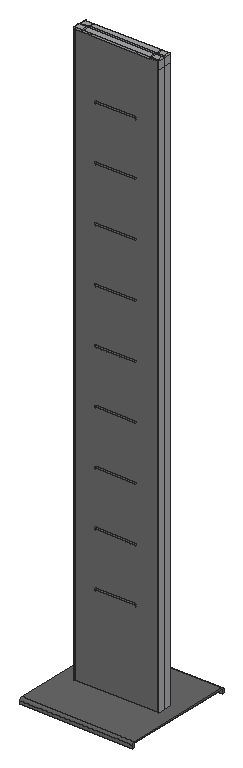
Revit family "Magnuson-Dacapo-Free_Standing", category Furniture, Revit 2016
Family settings
  OmniClass Number = 23.40.20.00
  OmniClass Title = General Furniture and Specialties
  Work Plane-Based = No
  Always vertical = Yes
  Cut with Voids When Loaded = No
  Shared = No
  Room Calculation Point = No
Parameters (values of type "DACI-PR")
  Width = 13 1/16"
  URL = "www.magnusongroup.com"
  Type Comments = "DACAPO"  # constant formula
  Salvage or Reuse = yes
  Percentage of Recycled Content = 0
  Model = "DACI-PR"
  Manufacturer = "MAGNUSON"  # constant formula
  Low Emitting Material = yes
  Low Emitting Finish = yes
  Keynote = "12500"
  Height = 68 1/8"
  Frame Finish = MAG - Aluminum Pearl Grey
  Description = "Free standing double sided display with 9 slots on each side"
  Depth = 13 1/16"
  Cap Finish = MAG - Aluminum Pearl Grey
  Display Finish = MAG - Paint Steel Coat Black
  Base Finish = MAG - Paint Steel Coat Black
  Assembly Code = "E2020200"
Reference planes (in)
  plane 1 "Center Front/Back": y = 0
  plane 2: z = 0
  plane 3 "Center Left/Right": x = 0
  plane 4: y = -13.0625
  plane 5: x = 13.0625
  plane 6: z = 68.125
  plane 7: y = -5.7219
  plane 8: y = -6.41481
  plane 9: y = -6.64769
  plane 10: y = -7.3406
  plane 11: z = 0.61024
  plane 12: x = 6.53125
  plane 13: y = -6.53125
Forms (in)
  Extrusion 1, solid, material "MAG - Paint Steel Coat Black" <- "Base Finish"
    sketch origin (0, 0, 0) x (0, 1, 0) y (0, 0, 1)
      loop
        line (-0.25, 0.61024) -> (-12.8125, 0.61024)
        arc (-12.8125, 0.61024) -> (-12.98928, 0.53701) -> (-13.0625, 0.36024) r 0.25
        line (-13.0625, 0.36024) -> (-13.0625, 0) -> (-12.90625, 0) -> (-12.90625, 0.45399) -> (-0.15625, 0.45399) -> (-0.15625, 0) -> (0, 0) -> (0, 0.36024)
        arc (0, 0.36024) -> (-0.07322, 0.53701) -> (-0.25, 0.61024) r 0.25
    from 0 to 13.0625
  Extrusion 2, solid, material "MAG - Paint Steel Coat Black" <- "Base Finish"
    sketch origin (0, 0, 0) x (0, 1, 0) y (0, 0, 1)
      loop
        line (-0.15625, 0.45399) -> (-12.90625, 0.45399) -> (-12.90625, 0) -> (-0.15625, 0) -> (-0.15625, 0.45399)
    from 0.4143 to 12.5954
  Extrusion 3, solid, material "MAG - Aluminum Pearl Grey" <- "Frame Finish"
    sketch origin (0, 0, 0) x (1, 0, 0) y (0, 0, 1)
      loop
        line (1.62295, 67.13681) -> (1.62295, 0.61024) -> (1.78043, 0.61024) -> (1.78043, 67.13681) -> (1.62295, 67.13681)
      loop
        line (11.43955, 67.13681) -> (11.28207, 67.13681) -> (11.28207, 0.61024) -> (11.43955, 0.61024) -> (11.43955, 67.13681)
      loop
        line (2.60327, 68.125) -> (2.60327, 67.95964) -> (10.45923, 67.95964) -> (10.45923, 68.125) -> (2.60327, 68.125)
    from 6.64769 to 7.3406
  Extrusion 4, solid, material "MAG - Aluminum Pearl Grey" <- "Frame Finish"
    sketch origin (0, 7.5, 0) x (1, 0, 0) y (0, 0, 1)
      loop
        line (1.62295, 67.13681) -> (1.62295, 0.61024) -> (1.78043, 0.61024) -> (1.78043, 67.13681) -> (1.62295, 67.13681)
      loop
        line (11.43955, 67.13681) -> (11.28207, 67.13681) -> (11.28207, 0.61024) -> (11.43955, 0.61024) -> (11.43955, 67.13681)
      loop
        line (2.60327, 68.125) -> (2.60327, 67.95964) -> (10.45923, 67.95964) -> (10.45923, 68.125) -> (2.60327, 68.125)
    from 13.2219 to 13.91481
  Extrusion 5, solid, material "MAG - Aluminum Pearl Grey" <- "Cap Finish"
    sketch origin (0, 0, 0) x (1, 0, 0) y (0, 0, 1)
      loop
        line (1.61508, 67.13681) -> (1.78043, 67.13681) -> (1.78043, 67.95964) -> (2.60327, 67.95964) -> (2.60327, 68.125) -> (1.72376, 68.125)
        arc (1.72376, 68.125) -> (1.64691, 68.09317) -> (1.61508, 68.01632) r 0.10868
        line (1.61508, 68.01632) -> (1.61508, 67.13681)
      loop
        line (11.44742, 67.13681) -> (11.44742, 68.01632)
        arc (11.44742, 68.01632) -> (11.41559, 68.09317) -> (11.33874, 68.125) r 0.10868
        line (11.33874, 68.125) -> (10.45923, 68.125) -> (10.45923, 67.95964) -> (11.28207, 67.95964) -> (11.28207, 67.13681) -> (11.44742, 67.13681)
    from 6.64769 to 7.3406
  Extrusion 6, solid, material "MAG - Aluminum Pearl Grey" <- "Cap Finish"
    sketch origin (0, 6.75, 0) x (1, 0, 0) y (0, 0, 1)
      loop
        line (1.61508, 67.13681) -> (1.78043, 67.13681) -> (1.78043, 67.95964) -> (2.60327, 67.95964) -> (2.60327, 68.125) -> (1.72376, 68.125)
        arc (1.72376, 68.125) -> (1.64691, 68.09317) -> (1.61508, 68.01632) r 0.10868
        line (1.61508, 68.01632) -> (1.61508, 67.13681)
      loop
        line (11.44742, 67.13681) -> (11.44742, 68.01632)
        arc (11.44742, 68.01632) -> (11.41559, 68.09317) -> (11.33874, 68.125) r 0.10868
        line (11.33874, 68.125) -> (10.45923, 68.125) -> (10.45923, 67.95964) -> (11.28207, 67.95964) -> (11.28207, 67.13681) -> (11.44742, 67.13681)
    from 12.4719 to 13.16481
  Extrusion 7, solid, material "MAG - Paint Steel Coat Black" <- "Display Finish"
    sketch origin (0, 0, 0) x (1, 0, 0) y (0, 0, 1)
      loop
        arc (4.26281, 61.39764) -> (4.10533, 61.24016) -> (4.26281, 61.08268) r 0.15748
        line (4.26281, 61.08268) -> (8.80062, 61.08268)
        arc (8.80062, 61.08268) -> (8.9581, 61.24016) -> (8.80062, 61.39764) r 0.15748
        line (8.80062, 61.39764) -> (4.26281, 61.39764)
      loop
        arc (4.26281, 55.09843) -> (4.10533, 54.94095) -> (4.26281, 54.78347) r 0.15748
        line (4.26281, 54.78347) -> (8.80062, 54.78347)
        arc (8.80062, 54.78347) -> (8.9581, 54.94095) -> (8.80062, 55.09843) r 0.15748
        line (8.80062, 55.09843) -> (4.26281, 55.09843)
      loop
        arc (4.26281, 48.79921) -> (4.10533, 48.64173) -> (4.26281, 48.48425) r 0.15748
        line (4.26281, 48.48425) -> (8.80062, 48.48425)
        arc (8.80062, 48.48425) -> (8.9581, 48.64173) -> (8.80062, 48.79921) r 0.15748
        line (8.80062, 48.79921) -> (4.26281, 48.79921)
      loop
        arc (4.26281, 42.5) -> (4.10533, 42.34252) -> (4.26281, 42.18504) r 0.15748
        line (4.26281, 42.18504) -> (8.80062, 42.18504)
        arc (8.80062, 42.18504) -> (8.9581, 42.34252) -> (8.80062, 42.5) r 0.15748
        line (8.80062, 42.5) -> (4.26281, 42.5)
      loop
        arc (4.26281, 36.20078) -> (4.10533, 36.0433) -> (4.26281, 35.88582) r 0.15748
        line (4.26281, 35.88582) -> (8.80062, 35.88582)
        arc (8.80062, 35.88582) -> (8.9581, 36.0433) -> (8.80062, 36.20078) r 0.15748
        line (8.80062, 36.20078) -> (4.26281, 36.20078)
      loop
        arc (4.26281, 29.90157) -> (4.10533, 29.74409) -> (4.26281, 29.58661) r 0.15748
        line (4.26281, 29.58661) -> (8.80062, 29.58661)
        arc (8.80062, 29.58661) -> (8.9581, 29.74409) -> (8.80062, 29.90157) r 0.15748
        line (8.80062, 29.90157) -> (4.26281, 29.90157)
      loop
        arc (4.26281, 23.60235) -> (4.10533, 23.44487) -> (4.26281, 23.28739) r 0.15748
        line (4.26281, 23.28739) -> (8.80062, 23.28739)
        arc (8.80062, 23.28739) -> (8.9581, 23.44487) -> (8.80062, 23.60235) r 0.15748
        line (8.80062, 23.60235) -> (4.26281, 23.60235)
      loop
        arc (4.26281, 17.30314) -> (4.10533, 17.14566) -> (4.26281, 16.98818) r 0.15748
        line (4.26281, 16.98818) -> (8.80062, 16.98818)
        arc (8.80062, 16.98818) -> (8.9581, 17.14566) -> (8.80062, 17.30314) r 0.15748
        line (8.80062, 17.30314) -> (4.26281, 17.30314)
      loop
        arc (4.26281, 11.00392) -> (4.10533, 10.84644) -> (4.26281, 10.68896) r 0.15748
        line (4.26281, 10.68896) -> (8.80062, 10.68896)
        arc (8.80062, 10.68896) -> (8.9581, 10.84644) -> (8.80062, 11.00392) r 0.15748
        line (8.80062, 11.00392) -> (4.26281, 11.00392)
      loop
        line (1.78043, 67.95964) -> (1.78043, 0.61024) -> (11.28207, 0.61024) -> (11.28207, 67.95964) -> (1.78043, 67.95964)
    from 6.64769 to 7.3406
  Extrusion 8, solid, material "MAG - Paint Steel Coat Black" <- "Display Finish"
    sketch origin (0, 5.75, 0) x (1, 0, 0) y (0, 0, 1)
      loop
        arc (4.26281, 61.39764) -> (4.10533, 61.24016) -> (4.26281, 61.08268) r 0.15748
        line (4.26281, 61.08268) -> (8.80062, 61.08268)
        arc (8.80062, 61.08268) -> (8.9581, 61.24016) -> (8.80062, 61.39764) r 0.15748
        line (8.80062, 61.39764) -> (4.26281, 61.39764)
      loop
        arc (4.26281, 55.09843) -> (4.10533, 54.94095) -> (4.26281, 54.78347) r 0.15748
        line (4.26281, 54.78347) -> (8.80062, 54.78347)
        arc (8.80062, 54.78347) -> (8.9581, 54.94095) -> (8.80062, 55.09843) r 0.15748
        line (8.80062, 55.09843) -> (4.26281, 55.09843)
      loop
        arc (4.26281, 48.79921) -> (4.10533, 48.64173) -> (4.26281, 48.48425) r 0.15748
        line (4.26281, 48.48425) -> (8.80062, 48.48425)
        arc (8.80062, 48.48425) -> (8.9581, 48.64173) -> (8.80062, 48.79921) r 0.15748
        line (8.80062, 48.79921) -> (4.26281, 48.79921)
      loop
        arc (4.26281, 42.5) -> (4.10533, 42.34252) -> (4.26281, 42.18504) r 0.15748
        line (4.26281, 42.18504) -> (8.80062, 42.18504)
        arc (8.80062, 42.18504) -> (8.9581, 42.34252) -> (8.80062, 42.5) r 0.15748
        line (8.80062, 42.5) -> (4.26281, 42.5)
      loop
        arc (4.26281, 36.20078) -> (4.10533, 36.0433) -> (4.26281, 35.88582) r 0.15748
        line (4.26281, 35.88582) -> (8.80062, 35.88582)
        arc (8.80062, 35.88582) -> (8.9581, 36.0433) -> (8.80062, 36.20078) r 0.15748
        line (8.80062, 36.20078) -> (4.26281, 36.20078)
      loop
        arc (4.26281, 29.90157) -> (4.10533, 29.74409) -> (4.26281, 29.58661) r 0.15748
        line (4.26281, 29.58661) -> (8.80062, 29.58661)
        arc (8.80062, 29.58661) -> (8.9581, 29.74409) -> (8.80062, 29.90157) r 0.15748
        line (8.80062, 29.90157) -> (4.26281, 29.90157)
      loop
        arc (4.26281, 23.60235) -> (4.10533, 23.44487) -> (4.26281, 23.28739) r 0.15748
        line (4.26281, 23.28739) -> (8.80062, 23.28739)
        arc (8.80062, 23.28739) -> (8.9581, 23.44487) -> (8.80062, 23.60235) r 0.15748
        line (8.80062, 23.60235) -> (4.26281, 23.60235)
      loop
        arc (4.26281, 17.30314) -> (4.10533, 17.14566) -> (4.26281, 16.98818) r 0.15748
        line (4.26281, 16.98818) -> (8.80062, 16.98818)
        arc (8.80062, 16.98818) -> (8.9581, 17.14566) -> (8.80062, 17.30314) r 0.15748
        line (8.80062, 17.30314) -> (4.26281, 17.30314)
      loop
        arc (4.26281, 11.00392) -> (4.10533, 10.84644) -> (4.26281, 10.68896) r 0.15748
        line (4.26281, 10.68896) -> (8.80062, 10.68896)
        arc (8.80062, 10.68896) -> (8.9581, 10.84644) -> (8.80062, 11.00392) r 0.15748
        line (8.80062, 11.00392) -> (4.26281, 11.00392)
      loop
        line (1.78043, 67.95964) -> (1.78043, 0.61024) -> (11.28207, 0.61024) -> (11.28207, 67.95964) -> (1.78043, 67.95964)
    from 11.4719 to 12.16481
  Extrusion 9, solid, material "MAG - Aluminum Pearl Grey" <- "Frame Finish"
    sketch origin (0, 0, 0) x (1, 0, 0) y (0, 0, 1)
      loop
        line (2.60327, 67.95964) -> (2.60327, 67.13681) -> (1.69775, 67.13681) -> (1.69775, 0.61024) -> (11.36475, 0.61024) -> (11.36475, 67.13681) -> (10.45923, 67.13681) -> (10.45923, 67.95964) -> (2.60327, 67.95964)
    from 6.41481 to 6.60379
Lines and regions (in)
  symbolic lines
    curve 1: line (1.61508, -5.7219, 0) -> (11.44742, -5.7219, 0)
    curve 2: line (11.44742, -7.3406, 0) -> (1.61508, -7.3406, 0)
    curve 3: line (1.61508, -7.3406, 0) -> (1.61508, -6.64769, 0)
    curve 4: line (1.61508, -6.64769, 0) -> (11.44742, -6.64769, 0)
    curve 5: line (11.44742, -7.3406, 0) -> (11.44742, -6.64769, 0)
    curve 6: line (11.44742, -6.41481, 0) -> (1.61508, -6.41481, 0)
    curve 7: line (1.61508, -6.41481, 0) -> (1.61508, -5.7219, 0)
    curve 8: line (11.44742, -6.41481, 0) -> (11.44742, -5.7219, 0)
    curve 9: line (10.45923, -5.7219, 0) -> (10.45923, -7.3406, 0)
    curve 10: line (11.36475, -6.41481, 0) -> (11.36475, -6.64769, 0)
    curve 11: line (2.60327, -5.7219, 0) -> (2.60327, -7.3406, 0)
    curve 12: line (1.69775, -6.41481, 0) -> (1.69775, -6.64769, 0)
    curve 13: line (0, 0, 0) -> (0, -13.0625, 0)
    curve 14: line (0, -13.0625, 0) -> (13.05281, -13.0625, 0)
    curve 15: line (13.05281, -13.0625, 0) -> (13.05281, 0, 0)
    curve 16: line (13.05281, 0, 0) -> (0, 0, 0)
Dimensions and locks (in)
  equal spacing: plane 3 "Center Left/Right", plane 12, plane 5
  "Width": plane 3 "Center Left/Right" to plane 5
  "Depth": plane 4 to plane 1 "Center Front/Back"
  equal spacing: plane 1 "Center Front/Back", plane 13, plane 4
  equal spacing: plane 7, plane 13, plane 10
  equal spacing: plane 8, plane 13, plane 9
  "Height": plane 6 to plane 2
  aligned and locked: level to plane 2
  aligned and locked: Extrusion 1 to plane 3 "Center Left/Right"
  aligned and locked: plane 5 to Extrusion 1
  aligned and locked: Extrusion 6 to plane 8
  aligned and locked: plane 7 to Extrusion 6
  aligned and locked: plane 9 to Extrusion 5
  aligned and locked: Extrusion 5 to plane 10
  aligned and locked: Extrusion 8 to plane 8
  aligned and locked: plane 7 to Extrusion 8
  aligned and locked: plane 9 to Extrusion 7
  aligned and locked: Extrusion 7 to plane 10
Automatic sketch dimensions
  Extrusion 1 sketch curve to level = 0"  (x2)
  Extrusion 1 sketch curve to plane 4 = 0"
  plane 11 to Extrusion 1 sketch curve = 0"
  Extrusion 1 sketch curve to plane 1 "Center Front/Back" = 0"
  plane 4 to Extrusion 1 sketch curve = 5/32"
  Extrusion 1 sketch curve to Extrusion 1 sketch curve = 3/32"  (x2)
  plane 1 "Center Front/Back" to Extrusion 1 sketch curve = 1/4"
  plane 1 "Center Front/Back" to Extrusion 1 sketch curve = 5/32"
  Extrusion 2 sketch curve to level = 0"
  plane 4 to Extrusion 2 sketch curve = 5/32"
  plane 1 "Center Front/Back" to Extrusion 2 sketch curve = 5/32"
  plane 11 to Extrusion 2 sketch curve = 5/32"
  Extrusion 3 sketch curve to plane 11 = 0"  (x2)
  Extrusion 3 sketch curve to plane 6 = 0"
  plane 3 "Center Left/Right" to Extrusion 3 sketch curve = 1.62295"
  Extrusion 3 sketch curve to Extrusion 3 sketch curve = 0.15748"  (x2)
  Extrusion 3 sketch curve to Extrusion 3 sketch curve = 0.82283"  (x2)
  Extrusion 3 sketch curve to plane 6 = 0.16536"
  Extrusion 3 sketch curve to plane 5 = 2.60327"
  Extrusion 3 sketch curve to plane 6 = 0.98819"  (x2)
  Extrusion 4 sketch curve to plane 11 = 0"  (x2)
  Extrusion 4 sketch curve to plane 6 = 0"
  plane 3 "Center Left/Right" to Extrusion 4 sketch curve = 1.62295"
  Extrusion 4 sketch curve to Extrusion 4 sketch curve = 0.15748"  (x2)
  Extrusion 4 sketch curve to Extrusion 4 sketch curve = 0.82283"  (x2)
  Extrusion 4 sketch curve to plane 6 = 0.16536"
  Extrusion 4 sketch curve to plane 5 = 2.60327"
  Extrusion 4 sketch curve to plane 6 = 0.98819"  (x2)
  Extrusion 5 sketch curve to plane 6 = 0"  (x2)
  plane 3 "Center Left/Right" to Extrusion 5 sketch curve = 1.61508"
  Extrusion 5 sketch curve to Extrusion 5 sketch curve = 0.10868"
  Extrusion 5 sketch curve to Extrusion 5 sketch curve = 0.05667"  (x2)
  Extrusion 5 sketch curve to Extrusion 5 sketch curve = 0.82283"  (x4)
  Extrusion 5 sketch curve to plane 6 = 0.16536"
  Extrusion 5 sketch curve to plane 5 = 2.60327"
  Extrusion 5 sketch curve to Extrusion 5 sketch curve = 0.16535"
  Extrusion 5 sketch curve to Extrusion 5 sketch curve = 0.05668"
  Extrusion 6 sketch curve to plane 6 = 0"  (x2)
  plane 3 "Center Left/Right" to Extrusion 6 sketch curve = 1.61508"
  Extrusion 6 sketch curve to Extrusion 6 sketch curve = 0.10868"
  Extrusion 6 sketch curve to Extrusion 6 sketch curve = 0.05667"  (x2)
  Extrusion 6 sketch curve to Extrusion 6 sketch curve = 0.82283"  (x4)
  Extrusion 6 sketch curve to plane 6 = 0.16536"
  Extrusion 6 sketch curve to plane 5 = 2.60327"
  Extrusion 6 sketch curve to Extrusion 6 sketch curve = 0.16535"
  Extrusion 6 sketch curve to Extrusion 6 sketch curve = 0.05668"
  Extrusion 7 sketch curve to plane 11 = 0"
  plane 3 "Center Left/Right" to Extrusion 7 sketch curve = 1.78043"
  Extrusion 7 sketch curve to plane 12 = 2.26844"  (x9)
  plane 12 to Extrusion 7 sketch curve = 2.26937"  (x9)
  Extrusion 7 sketch curve to plane 6 = 0.16536"
  Extrusion 7 sketch curve to plane 5 = 1.78043"
  Extrusion 7 sketch curve to plane 11 = 10.07873"
  Extrusion 7 sketch curve to Extrusion 7 sketch curve = 0.15748"  (x9)
  Extrusion 7 sketch curve to Extrusion 7 sketch curve = 5.98426"  (x4)
  Extrusion 7 sketch curve to Extrusion 7 sketch curve = 5.98425"  (x4)
  Extrusion 8 sketch curve to plane 11 = 0"
  plane 3 "Center Left/Right" to Extrusion 8 sketch curve = 1.78043"
  Extrusion 8 sketch curve to plane 12 = 2.26844"  (x9)
  plane 12 to Extrusion 8 sketch curve = 2.26937"  (x9)
  Extrusion 8 sketch curve to plane 6 = 0.16536"
  Extrusion 8 sketch curve to plane 5 = 1.78043"
  Extrusion 8 sketch curve to plane 11 = 10.07873"
  Extrusion 8 sketch curve to Extrusion 8 sketch curve = 0.15748"  (x9)
  Extrusion 8 sketch curve to Extrusion 8 sketch curve = 5.98426"  (x4)
  Extrusion 8 sketch curve to Extrusion 8 sketch curve = 5.98425"  (x4)
  Extrusion 9 sketch curve to plane 11 = 0"
  plane 3 "Center Left/Right" to Extrusion 9 sketch curve = 1.69775"
  Extrusion 9 sketch curve to Extrusion 9 sketch curve = 0.90551"
  Extrusion 9 sketch curve to plane 6 = 0.16536"
  Extrusion 9 sketch curve to plane 5 = 2.60327"
  Extrusion 9 sketch curve to plane 5 = 1.69775"
  Extrusion 9 sketch curve to Extrusion 9 sketch curve = 0.82283"  (x2)
  plane 1 "Center Front/Back" to curve 16 = 0"
  curve 16 to plane 3 "Center Left/Right" = 0"
  curve 3 to plane 10 = 0"
  curve 3 to plane 9 = 0"
  curve 1 to plane 7 = 0"
  curve 6 to plane 8 = 0"
  curve 15 to plane 4 = 0"
  plane 3 "Center Left/Right" to curve 3 = 1.61508"
  curve 1 to curve 3 = 0"
  curve 8 to plane 5 = 1.61508"
  curve 5 to curve 6 = 0"
  curve 15 to plane 5 = 0.00969"
  curve 6 to curve 12 = 0.08268"
  curve 2 to curve 11 = 0.98819"
  curve 9 to curve 1 = 0.98819"
  curve 10 to curve 4 = 0.08268"
